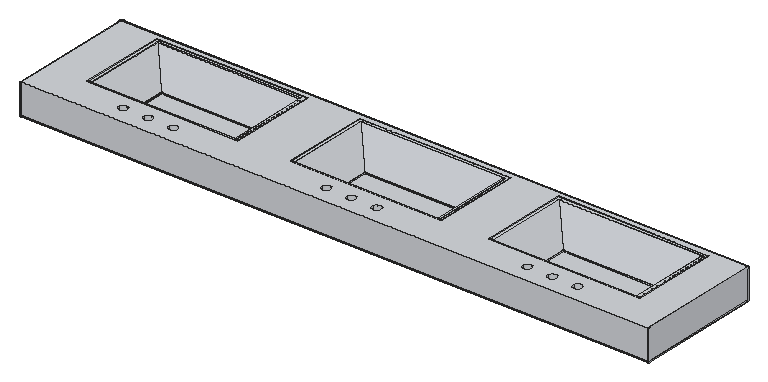
Revit family
Parameters (values of type "800 X 500")
  Material = none
  Manufacturer = "COCO"
  Assembly Code = "D2010440"
Types (2): name
  400 x 500mm
  800 X 500
Reference planes
  plane 1 "Center (Front/Back)": y = 0
  plane 2: z = 0
  plane 3 "Center (Left/Right)": x = 0
  plane 4: x = 3.01
  plane 5: x = -111.989
  plane 6: x = -86.989
  plane 7: x = 811.8
  plane 8: x = 696.8
  plane 9: x = 721.8
  plane 10: x = 1601.8
  plane 11: x = 1486.8
  plane 12: x = 1511.8
Forms (mm)
  Sweep 1, solid, material <- "Material"
    path origin (12.5, -75, 0) x (1, 0, 0) y (0, 1, 0)
      loop
        line (-99.49, 210) -> (-99.49, 550) -> (500.321, 550) -> (500.321, 210)
    profile origin (0, 305, 0) x (-1, 0, 0) y (0, 0, 1)
      loop
        line (86.989, 115) -> (86.989, 120) -> (73.098, 120)
        arc (73.098, 120) -> (72.128, 119.749) -> (71.402, 119.06) r 2
        line (71.402, 119.06) -> (-2.423, 0.94)
        arc (-2.423, 0.94) -> (-3.149, 0.251) -> (-4.119, 0) r 2
        line (-4.119, 0) -> (-8.364, 0) -> (-8.364, -5.042) -> (-0.266, -5.042) -> (74.761, 115) -> (86.989, 115)
  Sweep 2, solid, material <- "Material"
    path origin (12.5, -75, 0) x (1, 0, 0) y (0, 1, 0)
      loop
        line (-99.49, 205) -> (500.321, 205)
    profile origin (212.916, 0, 0) x (0, 1, 0) y (0, 0, 1)
      loop
        line (149.827, 1.749) -> (135.102, 118.251)
        arc (135.102, 118.251) -> (134.441, 119.5) -> (133.118, 120) r 2
        line (133.118, 120) -> (129.881, 120) -> (145.686, -5.042) -> (155.686, -5.042) -> (155.686, 0) -> (151.811, 0)
        arc (151.811, 0) -> (150.489, 0.5) -> (149.827, 1.749) r 2
  Extrusion 3, solid, material <- "Material"
    sketch origin (-125, -75, 0) x (1, 0, 0) y (0, 1, 0)
      loop
        arc (-119.49, 573) -> (-121.611, 572.121) -> (-122.49, 570) r 3
        line (-122.49, 570) -> (-122.49, 75) -> (2373.51, 75) -> (2373.51, 570)
        arc (2373.51, 570) -> (2372.632, 572.121) -> (2370.51, 573) r 3
        line (2370.51, 573) -> (-119.49, 573)
      loop
        circle (232.821, 139.361) r 17.5
      loop
        circle (332.821, 139.361) r 17.5
      loop
        circle (432.821, 139.361) r 17.5
      loop
        line (637.821, 550) -> (37.821, 550) -> (37.821, 205) -> (637.821, 205) -> (637.821, 550)
      loop
        circle (1042.821, 139.361) r 17.5
      loop
        circle (1142.821, 139.361) r 17.5
      loop
        circle (1242.821, 139.361) r 17.5
      loop
        line (1446.8, 550) -> (846.8, 550) -> (846.8, 205) -> (1446.8, 205) -> (1446.8, 550)
      loop
        circle (1842.821, 139.361) r 17.5
      loop
        circle (1942.821, 139.361) r 17.5
      loop
        circle (2042.821, 139.361) r 17.5
      loop
        line (2236.8, 550) -> (1636.8, 550) -> (1636.8, 205) -> (2236.8, 205) -> (2236.8, 550)
    from 0 to 120
  Sweep 4, solid, material <- "Material"
    path origin (-125, -75, 0) x (1, 0, 0) y (0, 1, 0)
      loop
        line (-124.49, 75) -> (-124.49, 570)
        arc (-124.49, 570) -> (-123.025, 573.536) -> (-119.49, 575) r 5
        line (-119.49, 575) -> (2370.51, 575)
        arc (2370.51, 575) -> (2374.046, 573.536) -> (2375.51, 570) r 5
        line (2375.51, 570) -> (2375.51, 75)
    profile origin (0, 247.5, 0) x (-1, 0, 0) y (0, 0, 1)
      loop
        line (247.49, 120) -> (247.49, -5) -> (248.49, -5)
        arc (248.49, -5) -> (249.197, -4.707) -> (249.49, -4) r 1
        line (249.49, -4) -> (249.49, 119)
        arc (249.49, 119) -> (249.197, 119.707) -> (248.49, 120) r 1
        line (248.49, 120) -> (247.49, 120)
  Extrusion 5, solid, material <- "Material"
    sketch origin (-125, -75, 0) x (1, 0, 0) y (0, 1, 0)
      loop
        arc (-124.49, 80) -> (-123.025, 76.464) -> (-119.49, 75) r 5
        line (-119.49, 75) -> (2370.51, 75)
        arc (2370.51, 75) -> (2374.046, 76.464) -> (2375.51, 80) r 5
        line (2375.51, 80) -> (2375.51, 570)
        arc (2375.51, 570) -> (2374.046, 573.536) -> (2370.51, 575) r 5
        line (2370.51, 575) -> (-119.49, 575)
        arc (-119.49, 575) -> (-123.025, 573.536) -> (-124.49, 570) r 5
        line (-124.49, 570) -> (-124.49, 80)
      loop
        circle (350.354, 275) r 23
      loop
        circle (1150.354, 275) r 23
      loop
        circle (1950.354, 275) r 23
    from -5.042 to 0
  Sweep 6, solid, material <- "Material"
    path origin (821.25, -75, 0) x (1, 0, 0) y (0, 1, 0)
      loop
        line (-99.49, 205) -> (500.321, 205)
    profile origin (1021.666, 0, 0) x (0, 1, 0) y (0, 0, 1)
      loop
        line (149.827, 1.749) -> (135.102, 118.251)
        arc (135.102, 118.251) -> (134.441, 119.5) -> (133.118, 120) r 2
        line (133.118, 120) -> (129.881, 120) -> (145.686, -5.042) -> (155.686, -5.042) -> (155.686, 0) -> (151.811, 0)
        arc (151.811, 0) -> (150.489, 0.5) -> (149.827, 1.749) r 2
  Sweep 7, solid, material <- "Material"
    path origin (1612.5, -75, 0) x (1, 0, 0) y (0, 1, 0)
      loop
        line (-99.49, 205) -> (500.321, 205)
    profile origin (1812.916, 0, 0) x (0, 1, 0) y (0, 0, 1)
      loop
        line (149.827, 1.749) -> (135.102, 118.251)
        arc (135.102, 118.251) -> (134.441, 119.5) -> (133.118, 120) r 2
        line (133.118, 120) -> (129.881, 120) -> (145.686, -5.042) -> (155.686, -5.042) -> (155.686, 0) -> (151.811, 0)
        arc (151.811, 0) -> (150.489, 0.5) -> (149.827, 1.749) r 2
  Sweep 8, solid, material <- "Material"
    path origin (821.29, -75, 0) x (1, 0, 0) y (0, 1, 0)
      loop
        line (-99.49, 210) -> (-99.49, 550) -> (500.321, 550) -> (500.321, 210)
    profile origin (0, 305, 0) x (-1, 0, 0) y (0, 0, 1)
      loop
        line (-721.8, 115) -> (-721.8, 120) -> (-735.692, 120)
        arc (-735.692, 120) -> (-736.661, 119.749) -> (-737.388, 119.06) r 2
        line (-737.388, 119.06) -> (-811.212, 0.94)
        arc (-811.212, 0.94) -> (-811.939, 0.251) -> (-812.908, 0) r 2
        line (-812.908, 0) -> (-817.153, 0) -> (-817.153, -5.042) -> (-809.055, -5.042) -> (-734.029, 115) -> (-721.8, 115)
  Sweep 9, solid, material <- "Material"
    path origin (1611.29, -75, 0) x (1, 0, 0) y (0, 1, 0)
      loop
        line (-99.49, 210) -> (-99.49, 550) -> (500.321, 550) -> (500.321, 210)
    profile origin (0, 305, 0) x (-1, 0, 0) y (0, 0, 1)
      loop
        line (-1511.8, 115) -> (-1511.8, 120) -> (-1525.692, 120)
        arc (-1525.692, 120) -> (-1526.661, 119.749) -> (-1527.388, 119.06) r 2
        line (-1527.388, 119.06) -> (-1601.212, 0.94)
        arc (-1601.212, 0.94) -> (-1601.939, 0.251) -> (-1602.908, 0) r 2
        line (-1602.908, 0) -> (-1607.153, 0) -> (-1607.153, -5.042) -> (-1599.055, -5.042) -> (-1524.029, 115) -> (-1511.8, 115)
Lines and regions (mm)
  symbolic lines
    curve 1: line (-244.489, 500, 0) -> (244.49, 500, 0)
    curve 2: arc (244.49, 500, 0) -> (248.025, 498.536, 0) -> (249.49, 495, 0) r 5
    curve 3: line (249.49, 495, 0) -> (249.49, 5, 0)
    curve 4: arc (249.49, 5, 0) -> (248.025, 1.464, 0) -> (244.49, 0, 0) r 5
    curve 5: line (244.49, 0, 0) -> (-244.489, 0, 0)
    curve 6: arc (-244.489, 0, 0) -> (-248.025, 1.464, 0) -> (-249.489, 5, 0) r 5
    curve 7: line (-249.489, 5, 0) -> (-249.489, 495, 0)
    curve 8: arc (-249.489, 495, 0) -> (-248.025, 498.536, 0) -> (-244.489, 500, 0) r 5
    curve 9: line (-219.489, 475, 0) -> (219.49, 475, 0)
    curve 10: arc (219.49, 475, 0) -> (223.025, 473.536, 0) -> (224.49, 470, 0) r 5
    curve 11: line (224.49, 470, 0) -> (224.49, 135, 0)
    curve 12: arc (224.49, 135, 0) -> (223.025, 131.464, 0) -> (219.49, 130, 0) r 5
    curve 13: line (219.49, 130, 0) -> (-219.489, 130, 0)
    curve 14: arc (-219.489, 130, 0) -> (-223.025, 131.464, 0) -> (-224.489, 135, 0) r 5
    curve 15: line (-224.489, 135, 0) -> (-224.489, 470, 0)
    curve 16: arc (-224.489, 470, 0) -> (-223.025, 473.536, 0) -> (-219.489, 475, 0) r 5
    curve 17: line (124.106, 150.048, 0) -> (-126.022, 150.048, 0)
    curve 18: line (-126.022, 150.048, 0) -> (-129.49, 150.048, 0)
    curve 19: arc (-129.49, 150.048, 0) -> (-133.025, 151.513, 0) -> (-134.49, 155.048, 0) r 5
    curve 20: line (-134.49, 155.048, 0) -> (-134.49, 380, 0)
    curve 21: arc (-134.49, 380, 0) -> (-133.025, 383.536, 0) -> (-129.49, 385, 0) r 5
    curve 22: line (-129.49, 385, 0) -> (130.511, 385, 0)
    curve 23: line (-219.489, 470, 0) -> (-137.619, 388.13, 0)
    curve 24: line (219.49, 470, 0) -> (137.185, 387.696, 0)
    curve 25: line (219.49, 135, 0) -> (139.819, 150.477, 0)
    curve 26: line (-219.489, 135, 0) -> (-139.472, 151.032, 0)
    curve 27: arc (23.511, 200, 0) -> (0.511, 177, 0) -> (-22.489, 200, 0) r 23
    curve 28: arc (-22.489, 200, 0) -> (0.511, 223, 0) -> (23.511, 200, 0) r 23
    curve 29: arc (-36.989, 200, 0) -> (0.511, 237.5, 0) -> (38.011, 200, 0) r 37.5
    curve 30: arc (38.011, 200, 0) -> (0.511, 162.5, 0) -> (-36.989, 200, 0) r 37.5
    curve 31: arc (-16.989, 64.361, 0) -> (0.511, 81.861, 0) -> (18.011, 64.361, 0) r 17.5
    curve 32: arc (18.011, 64.361, 0) -> (0.511, 46.861, 0) -> (-16.989, 64.361, 0) r 17.5
    curve 33: arc (83.011, 64.361, 0) -> (100.511, 81.861, 0) -> (118.011, 64.361, 0) r 17.5
    curve 34: arc (118.011, 64.361, 0) -> (100.511, 46.861, 0) -> (83.011, 64.361, 0) r 17.5
    curve 35: arc (-116.989, 64.361, 0) -> (-99.489, 81.861, 0) -> (-81.989, 64.361, 0) r 17.5
    curve 36: arc (-81.989, 64.361, 0) -> (-99.489, 46.861, 0) -> (-116.989, 64.361, 0) r 17.5
    curve 37: spline (-11.99, 136.838, 0) -> (-11.564, 137.639, 0) -> (-10.315, 138.385, 0) -> (-8.328, 139.026, 0) -> (-5.74, 139.518, 0) -> (-2.725, 139.827, 0) -> (0.51, 139.933, 0) -> (3.746, 139.827, 0) -> (6.76, 139.518, 0) -> (9.349, 139.026, 0) -> (11.336, 138.385, 0) -> (12.585, 137.639, 0) -> (13.01, 136.838, 0)
    curve 38: spline (-11.99, 136.838, 0) -> (-11.564, 136.036, 0) -> (-10.315, 135.29, 0) -> (-8.328, 134.649, 0) -> (-5.74, 134.157, 0) -> (-2.725, 133.848, 0) -> (0.51, 133.742, 0) -> (3.746, 133.848, 0) -> (6.76, 134.157, 0) -> (9.349, 134.649, 0) -> (11.336, 135.29, 0) -> (12.585, 136.036, 0) -> (13.01, 136.838, 0)
    curve 39: arc (130.511, 150.048, 0) -> (134.046, 151.513, 0) -> (135.511, 155.048, 0) r 5
    curve 40: line (135.511, 155.048, 0) -> (135.511, 380, 0)
    curve 41: arc (135.511, 380, 0) -> (134.046, 383.536, 0) -> (130.511, 385, 0) r 5
Dimensions and locks
  locked: curve 1 to curve 5 at 500
  locked: curve 9 to curve 1 at 25
  locked: curve 13 to curve 5 at 130
  locked: curve 17 to curve 13 at 20.048
  locked: curve 22 to curve 17 at 234.952
  locked: curve 22 to curve 9 at 90
  curve 32 to curve 36 to curve 34 to curve 5 = 0 mm, 0 mm, 46.861 mm locked
  curve 27 to curve 30 to curve 17 = 14.5 mm locked, 12.452 mm locked
  curve 38 to curve 13 = 3.742 mm
